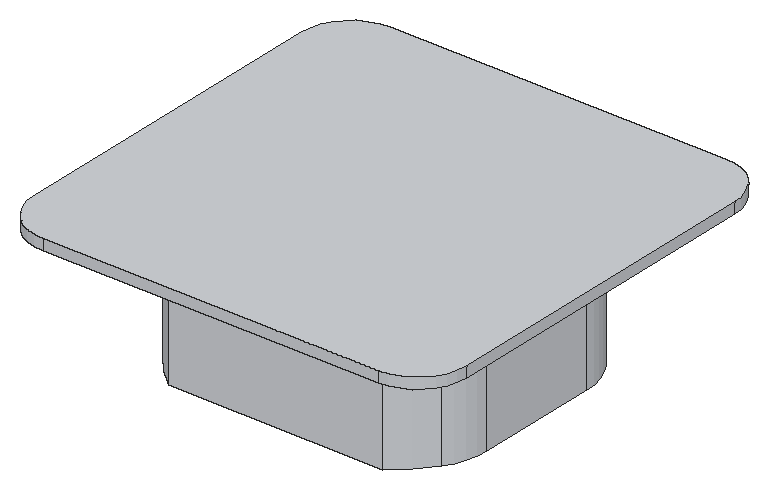
Revit family "Gira_015100", category Electrical Fixtures, host Face, Revit 2017
Family settings
  Host = Face
  Maintain Annotation Orientation = Yes
  Round Connector Dimension = Use Diameter
  Part Type = Normal
  Cut with Voids When Loaded = No
  Shared = No
  Room Calculation Point = No
Parameters (values of type "Wipptaster Schließer Einsatz")
  Zusammenstellung = "Basiselement"
  Werkstoffgüte = "sonstige"
  Werkstoff = "sonstige"
  URL = "http://katalog.gira.de/de_DE/datenblatt.html?artikelnr=015100"
  Transparent = "No"
  Textfeld/Beschriftungsfläche = "No"
  Rückmeldekontakt = "No"
  Region = "DE"
  Oberfläche = "sonstige"
  Nennspannung = "250 Volt"
  Name = "Wipptaster Schließer Einsatz"
  Montageart = "unter Putz"
  Mit Beleuchtung = "No"
  Manufacturer URL = "https://www.gira.de/"
  Kontakte = "1 Schließer"
  Keynote = "Einsatz_1fach"
  HeinzeBIM = "https://bimportal.heinze.de/bim/wipptaster-schliesser-einsatz/26a4f9d56eb0b89731a48bc0fbc7737ad3b855c2"
  Halogenfrei = "No"
  HAN = "015100"
  Geeignet für Schutzart (IP) = "IP20"
  GTIN = "4010337151005"
  Farbe = "sonstige"
  Default Elevation = 1219.2 mm
  Data sheet (1) = "https://katalog.gira.de/de_DE/download.html?artikelnr=015100"
  Category = "Taster"
  Bemessungsstrom = "10 Ampere"
  Befestigungsart = "Krallen-/Schraubbefestigung"
  Bedienungsart = "Wippe"
  Available = "Yes"
  Ausführung = "Einzeltaster"
  Aufdruck = "ohne"
  Anzahl der Betätigungswippen = "1 "
Reference planes
  plane 1 "Center (Front/Back)": y = 0
  plane 2: z = 0
  plane 3 "Center (Left/Right)": x = 0
Forms (mm)
  Extrusion 1, solid, detail levels fine
    sketch origin (0, 0, 0) x (1, 0, 0) y (0, 1, 0)
      loop
        line (27.475, 35.475) -> (-27.475, 35.475)
        arc (-27.475, 35.475) -> (-33.132, 33.132) -> (-35.475, 27.475) r 8
        line (-35.475, 27.475) -> (-35.475, -27.475)
        arc (-35.475, -27.475) -> (-33.132, -33.132) -> (-27.475, -35.475) r 8
        line (-27.475, -35.475) -> (27.475, -35.475)
        arc (27.475, -35.475) -> (33.132, -33.132) -> (35.475, -27.475) r 8
        line (35.475, -27.475) -> (35.475, 27.475)
        arc (35.475, 27.475) -> (33.132, 33.132) -> (27.475, 35.475) r 8
    from 0 to 1.8
  Extrusion 2, solid, detail levels fine
    sketch origin (0, 0, 0) x (1, 0, 0) y (0, 1, 0)
      loop
        line (9.678, 25.4) -> (-9.678, 25.4)
        arc (-9.678, 25.4) -> (-12.885, 24.922) -> (-15.814, 23.53) r 11
        arc (-15.814, 23.53) -> (-17.795, 22.07) -> (-19.641, 20.444) r 28.35
        arc (-19.641, 20.444) -> (-21.339, 18.665) -> (-22.876, 16.745) r 28.35
        arc (-22.876, 16.745) -> (-24.456, 13.666) -> (-25, 10.248) r 11
        line (-25, 10.248) -> (-25, -10.248)
        arc (-25, -10.248) -> (-24.456, -13.666) -> (-22.876, -16.745) r 11
        arc (-22.876, -16.745) -> (-20.409, -19.677) -> (-17.569, -22.25) r 28.35
        line (-17.569, -22.25) -> (17.569, -22.25)
        arc (17.569, -22.25) -> (20.409, -19.677) -> (22.876, -16.745) r 28.35
        arc (22.876, -16.745) -> (24.456, -13.666) -> (25, -10.248) r 11
        line (25, -10.248) -> (25, 10.248)
        arc (25, 10.248) -> (24.456, 13.666) -> (22.876, 16.745) r 11
        arc (22.876, 16.745) -> (21.593, 18.37) -> (20.195, 19.897) r 28.35
        arc (20.195, 19.897) -> (18.096, 21.823) -> (15.814, 23.53) r 28.35
        arc (15.814, 23.53) -> (12.885, 24.922) -> (9.678, 25.4) r 11
    from -22 to 0
  Extrusion 3, solid, detail levels medium
    sketch origin (0, 0, 0) x (1, 0, 0) y (0, 1, 0)
      loop
        line (-25, 25.4) -> (-25, -22.25) -> (25, -22.25) -> (25, 25.4) -> (-25, 25.4)
    from -22 to 0
  Extrusion 4, solid, detail levels coarse
    sketch origin (0, 0, 0) x (1, 0, 0) y (0, 1, 0)
      loop
        line (35.475, 35.475) -> (-35.475, 35.475) -> (-35.475, -35.475) -> (35.475, -35.475) -> (35.475, 35.475)
    from -22 to 1.8
  Extrusion 5, solid, detail levels medium
    sketch origin (0, 0, 0) x (1, 0, 0) y (0, 1, 0)
      loop
        line (35.475, 35.475) -> (-35.475, 35.475) -> (-35.475, -35.475) -> (35.475, -35.475) -> (35.475, 35.475)
    from 0 to 1.8
Dimensions and locks
  aligned and locked: plane 2 to host face
  aligned and locked: level to host face
  aligned and locked: plane 3 "Center (Left/Right)" to nested 1
  aligned and locked: plane 1 "Center (Front/Back)" to nested 1
Nested families
  nested 1: "RJ45-Datendose Beschriftung" at (0, 0, 0), type "RJ45-Datendose Beschriftung"
Connectors
  electrical at (0, 0, -22)
    settings: on Extrusion 4, index 1, voltage 220 V, apparent load 0 VA, apparent load phase1 0 VA, apparent load phase2 0 VA, apparent load phase3 0 VA, power factor 1, load classification "Other", number of poles 1, system type 30, power factor state 1, is connector primary yes, connector utility no, sub classification motor no, connector description ""
Definition of nested family "RJ45-Datendose Beschriftung"
  Reference planes
    plane 1: y = 0
    plane 2: x = 0
  Lines and regions (mm)
    Filled region 1, type "Gefüllter Bereich 1"
      outline origin (0, 0, 0) x (1, 0, 0) y (0, 1, 0)
        loop
          circle (0, 2.4) r 0.4
    detail lines
      curve 1: line (0, 0, 0) -> (0, 2, 0)
      curve 2: line (0, 2, 0) -> (1.2, 2, 0)
      curve 3: line (1.2, 2, 0) -> (1.2, 3.6, 0)
      curve 4: circle (0, 2.4, 0) r 0.4 normal (0, 0, 1)
      curve 5: line (0, 2, 0) -> (-1.2, 2, 0)
      curve 6: line (-1.2, 2, 0) -> (-1.2, 3.6, 0)
